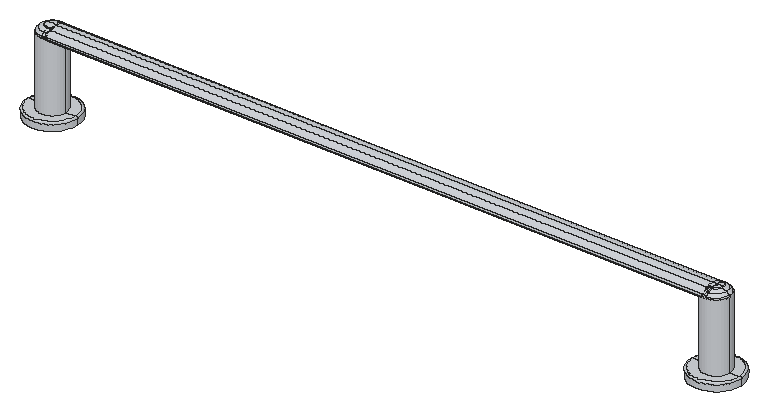
Revit family "Accessory-Towel_Bar-KOHLER-KUMIN-K-97882T", category Specialty Equipment, host Face, Revit 2017
Family settings
  Host = Face
  Round Connector Dimension = Use Diameter
  Part Type = Normal
  OmniClass Number = 23.31.25.25
  OmniClass Title = Towel Bars
  Cut with Voids When Loaded = No
  Shared = No
  Room Calculation Point = No
Parameters (values of type "CP- Polished chrome")
  Width = 25 211/256"  # constant formula
  WaterSense Certified = 1 = 0  # no
  URL = "http://www.kohler.com.cn/en/"
  Type = 1
  Product Page URL = "https://www.kohler.com.cn/en/product/K-97882T-CP/K-97882T-CP/"
  Product Name = "KUMIN"  # constant formula
  Product Documentation Link = ""
  Model = if(Type = 1, "K-97882T-CP", if(Type = 2, "K-97882T-BL", "NA"))  # "K-97882T-CP"
  Material = "Metal construction"  # constant formula
  Master Format 2014 Name = "Toilet, Bath, and Laundry Accessories"  # constant formula
  Master Format 2014 = "10 28 00"  # constant formula
  Manufacturer Address = "Kohler Beijing Office (100016)\n36-2-03-B, No. 88, Liuxiang Road, Beijing"  # constant formula
  Manufacturer = "KOHLER Co."  # constant formula
  Length = 3"  # constant formula
  Height = 1 207/256"  # constant formula
  Finish = Kohler-Metal-CP-Polished_Chrome
  Environmental Product Declaration = ""
  Description = "24-inch towel bar"  # constant formula
  Default Elevation = 42"
  Declare Label = ""
  Date Modified = "07/21/2020"  # constant formula
  Date Created = "07/21/2020"  # constant formula
  Copyright = "Copyright KOHLER Co."  # constant formula
  Contact Us = "http://www.kohler.com.cn/en/contact/contact-us/"
  Assembly Code = "C1030200"
  ADA Compliant = 1 = 0  # no
Types (3): name | Type | Product Page URL | Model | Finish
  (no name) | 1 | "https://www.kohler.com.cn/en/product/K-97882T-CP/K-97882T-CP/" | "K-97882T-CP" | Kohler-Metal-CP-Polished_Chrome
  CP- Polished chrome | 1 | "https://www.kohler.com.cn/en/product/K-97882T-CP/K-97882T-CP/" | "K-97882T-CP" | Kohler-Metal-CP-Polished_Chrome
  BL- Matte Black | 2 | "https://www.kohler.com.cn/en/product/K-97882T-CP/K-97882T-BL/" | "K-97882T-BL" | Kohler-Metal-BL-Matte_Black
Reference planes (in)
  plane 1 "Center (Front/Back)": y = 0
  plane 2: z = 0
  plane 3 "Center (Left/Right)": x = 0
  plane 4: z = 3
  plane 5: x = -12.00731
  plane 6: x = 12.00731
  plane 7: y = -0.90551
  plane 8: y = 0.90308
  plane 9: x = -12.91282
  plane 10: x = 12.9114
Dimensions and locks (in)
  locked: plane 5 to plane 6 at 24.01461
  plane 5 to plane 3 "Center (Left/Right)" to plane 6 = 12.00731", 12.00731"
  "Width": plane 9 to plane 10
  "Height": plane 7 to plane 8
  "Length": level to plane 4
  aligned and locked: plane 2 to host face
  aligned and locked: level to host face
  aligned and locked: plane 10 to nested 1
Automatic sketch dimensions
  host sketch curve to host sketch curve = 96"  (x2)
Nested families (in)
  nested 1: "K-97882T" at (-0.00167, 0, 0), type "K-97882T"
Definition of nested family "K-97882T"
  Parameters (values of type "K-97882T")
    Material = none
  Reference planes (in)
    plane 1 "Center (Front/Back)": y = 0
    plane 2: z = 0
    plane 3 "Center (Left/Right)": x = 0
    plane 4: x = 12.00756
    plane 5: x = -12.00731
    plane 6: z = 2.99213
    plane 7: x = 12.91307
    plane 8: x = 11.10204
    plane 9: x = -11.1018
    plane 10: x = -12.91282
  Forms (in)
    Revolve 1, solid, material <- "Material", detail levels medium+fine
      sketch origin (0, 0, 0) x (1, 0, 0) y (0, 0, 1)
        loop
          line (12.00756, 0) -> (12.91307, 0) -> (12.91307, 0.21654)
          arc (12.91307, 0.21654) -> (12.89577, 0.25829) -> (12.85401, 0.27559) r 0.05906
          line (12.85401, 0.27559) -> (12.49968, 0.27559) -> (12.49968, 2.73826)
          arc (12.49968, 2.73826) -> (12.49683, 2.75467) -> (12.48862, 2.76917) r 0.0487
          arc (12.48862, 2.76917) -> (12.44154, 2.82065) -> (12.38926, 2.86684) r 0.65527
          arc (12.38926, 2.86684) -> (12.3276, 2.90917) -> (12.26072, 2.94268) r 0.54559
          arc (12.26072, 2.94268) -> (12.24228, 2.9502) -> (12.22371, 2.9574) r 1.14608
          arc (12.22371, 2.9574) -> (12.1174, 2.9861) -> (12.00756, 2.99366) r 0.56577
          line (12.00756, 2.99366) -> (12.00756, 0)
        axis (12.00756, 2.99366) -> (12.00756, 0)
      angle from 0 to 360
    Extrusion 2, solid, material <- "Material", detail levels medium+fine
      sketch origin (0, 0, -0.00615) x (0, 1, 0) y (0, 0, 1)
        loop
          arc (0, 2.99213) -> (-0.13, 2.97897) -> (-0.25538, 2.94215) r 0.70845
          arc (-0.25538, 2.94215) -> (-0.36747, 2.87905) -> (-0.4587, 2.78839) r 0.47862
          arc (-0.4587, 2.78839) -> (-0.47089, 2.75005) -> (-0.45583, 2.71275) r 0.05933
          arc (-0.45583, 2.71275) -> (-0.40064, 2.65853) -> (-0.33892, 2.61187) r 0.59943
          arc (-0.33892, 2.61187) -> (-0.17691, 2.53691) -> (0, 2.51299) r 0.59943
          arc (0, 2.51299) -> (0.18062, 2.54135) -> (0.34626, 2.61876) r 0.65186
          arc (0.34626, 2.61876) -> (0.40438, 2.66215) -> (0.45654, 2.71255) r 0.57192
          arc (0.45654, 2.71255) -> (0.47265, 2.75255) -> (0.45868, 2.79335) r 0.06181
          arc (0.45868, 2.79335) -> (0.38907, 2.86292) -> (0.30708, 2.91734) r 0.49497
          arc (0.30708, 2.91734) -> (0.15819, 2.97382) -> (0, 2.99213) r 0.64521
      from -12.00572 to 12.02023
    Revolve 3, solid, material <- "Material", detail levels medium+fine
      sketch origin (0, 0, 0) x (-1, 0, 0) y (0, 0, 1)
        loop
          line (12.00731, 0) -> (12.91282, 0) -> (12.91282, 0.21654)
          arc (12.91282, 0.21654) -> (12.89552, 0.25829) -> (12.85376, 0.27559) r 0.05906
          line (12.85376, 0.27559) -> (12.49943, 0.27559) -> (12.49943, 2.73826)
          arc (12.49943, 2.73826) -> (12.49658, 2.75467) -> (12.48837, 2.76917) r 0.0487
          arc (12.48837, 2.76917) -> (12.44129, 2.82065) -> (12.38901, 2.86684) r 0.65527
          arc (12.38901, 2.86684) -> (12.32735, 2.90917) -> (12.26047, 2.94268) r 0.54559
          arc (12.26047, 2.94268) -> (12.24203, 2.9502) -> (12.22346, 2.9574) r 1.14608
          arc (12.22346, 2.9574) -> (12.11716, 2.9861) -> (12.00731, 2.99366) r 0.56577
          line (12.00731, 2.99366) -> (12.00731, 0)
        axis (12.00731, 2.99366) -> (12.00731, 0)
      angle from 0 to 360
    Revolve 4, solid, material <- "Material", detail levels coarse
      sketch origin (0, 0, 0) x (1, 0, 0) y (0, 0, 1)
        loop
          line (12.49968, 2.99213) -> (12.00756, 2.99213) -> (12.00756, 0) -> (12.91307, 0) -> (12.91307, 0.27559) -> (12.49968, 0.27559) -> (12.49968, 2.99213)
        axis (12.00756, 2.99213) -> (12.00756, 0)
      angle from -90 to 270
    Revolve 5, solid, material <- "Material", detail levels coarse
      sketch origin (0, 0, 0) x (-1, 0, 0) y (0, 0, 1)
        loop
          line (12.49943, 2.99213) -> (12.00731, 2.99213) -> (12.00731, 0) -> (12.91282, 0) -> (12.91282, 0.27559) -> (12.49943, 0.27559) -> (12.49943, 2.99213)
        axis (12.00731, 2.99213) -> (12.00731, 0)
      angle from -90 to 270
    Extrusion 6, solid, material <- "Material", detail levels coarse
      sketch origin (0, 0, 0) x (1, 0, 0) y (0, 0, 1)
        loop
          line (12.00756, 2.99213) -> (-11.94905, 2.99213) -> (-11.94905, 2.50677) -> (12.00756, 2.50677) -> (12.00756, 2.99213)
      from -0.47573 to 0.47607
  Cuts and joins
    joined: Revolve 4, Revolve 5, Extrusion 6
  Lines and regions (in)
    Masking region 1
      outline origin (0, 0, 0) x (1, 0, 0) y (0, 1, 0)
        loop
          arc (-11.23597, 0.47433) -> (-12.91282, 0.00001) -> (-11.23598, -0.47435) r 0.90551
          line (-11.23598, -0.47435) -> (0, -0.47435) -> (11.23623, -0.47435)
          arc (11.23623, -0.47435) -> (12.91307, 0.00001) -> (11.23622, 0.47433) r 0.90551
          line (11.23622, 0.47433) -> (0, 0.47433) -> (-11.23597, 0.47433)
    Masking region 2
      outline origin (0, 0, 0) x (1, 0, 0) y (0, 0, 1)
        loop
          line (12.91307, 0) -> (12.91307, 0.21663)
          arc (12.91307, 0.21663) -> (12.8958, 0.25832) -> (12.8541, 0.27559) r 0.05897
          line (12.8541, 0.27559) -> (12.49968, 0.27559) -> (12.49968, 2.73446)
          arc (12.49968, 2.73446) -> (12.49745, 2.75068) -> (12.49093, 2.76569) r 0.06008
          arc (12.49093, 2.76569) -> (12.38624, 2.86881) -> (12.2595, 2.94317) r 0.5958
          arc (12.2595, 2.94317) -> (12.17353, 2.97357) -> (12.08388, 2.9903) r 0.5877
          arc (12.08388, 2.9903) -> (12.04573, 2.99167) -> (12.00756, 2.99213) r 1.5967
          line (12.00756, 2.99213) -> (-12.00731, 2.99213)
          arc (-12.00731, 2.99213) -> (-12.04548, 2.99167) -> (-12.08364, 2.9903) r 1.5967
          arc (-12.08364, 2.9903) -> (-12.17328, 2.97357) -> (-12.25925, 2.94317) r 0.5877
          arc (-12.25925, 2.94317) -> (-12.38464, 2.86984) -> (-12.48856, 2.76836) r 0.5958
          arc (-12.48856, 2.76836) -> (-12.49664, 2.75379) -> (-12.49943, 2.73738) r 0.04958
          line (-12.49943, 2.73738) -> (-12.49943, 0.27559) -> (-12.85385, 0.27559)
          arc (-12.85385, 0.27559) -> (-12.89555, 0.25832) -> (-12.91282, 0.21663) r 0.05897
          line (-12.91282, 0.21663) -> (-12.91282, 0) -> (-11.1018, 0) -> (-11.1018, 0.21663)
          arc (-11.1018, 0.21663) -> (-11.11907, 0.25832) -> (-11.16076, 0.27559) r 0.05897
          line (-11.16076, 0.27559) -> (-11.51518, 0.27559) -> (-11.51518, 2.13498)
          arc (-11.51518, 2.13498) -> (-11.40629, 2.39787) -> (-11.14339, 2.50677) r 0.37179
          line (-11.14339, 2.50677) -> (11.14364, 2.50677)
          arc (11.14364, 2.50677) -> (11.40654, 2.39787) -> (11.51543, 2.13498) r 0.37179
          line (11.51543, 2.13498) -> (11.51543, 0.27559) -> (11.16101, 0.27559)
          arc (11.16101, 0.27559) -> (11.11931, 0.25832) -> (11.10204, 0.21663) r 0.05897
          line (11.10204, 0.21663) -> (11.10204, 0) -> (12.91307, 0)
    Masking region 3
      outline origin (0, 0, 0) x (0, 1, 0) y (0, 0, 1)
        loop
          line (-0.49213, 0.27559) -> (-0.84638, 0.27559)
          arc (-0.84638, 0.27559) -> (-0.88819, 0.25827) -> (-0.90551, 0.21646) r 0.05913
          line (-0.90551, 0.21646) -> (-0.90551, 0) -> (0, 0) -> (0.90551, 0) -> (0.90551, 0.21646)
          arc (0.90551, 0.21646) -> (0.88819, 0.25827) -> (0.84638, 0.27559) r 0.05913
          line (0.84638, 0.27559) -> (0.49213, 0.27559) -> (0.49213, 2.73876)
          arc (0.49213, 2.73876) -> (0.4894, 2.75451) -> (0.48153, 2.76841) r 0.04676
          arc (0.48153, 2.76841) -> (0.38972, 2.85936) -> (0.28118, 2.9295) r 0.62558
          arc (0.28118, 2.9295) -> (0.14454, 2.97856) -> (0, 2.99213) r 0.57959
          arc (0, 2.99213) -> (-0.14454, 2.97856) -> (-0.28118, 2.9295) r 0.57959
          arc (-0.28118, 2.9295) -> (-0.38972, 2.85936) -> (-0.48153, 2.76841) r 0.62558
          arc (-0.48153, 2.76841) -> (-0.4894, 2.75451) -> (-0.49213, 2.73876) r 0.04676
          line (-0.49213, 2.73876) -> (-0.49213, 0.27559)
    symbolic lines, detail levels medium+fine
      curve 1: line (-11.23597, 0.47433, 0) -> (-11.60732, 0.47433, 0)
      curve 2: line (-11.60732, 0.47433, 0) -> (-12.00731, 0.49213, 0)
      curve 3: arc (-12.00731, 0.49213, 0) -> (-12.35529, 0.34799, 0) -> (-12.49943, 0, 0) r 0.49213
      curve 4: line (-11.23597, -0.47433, 0) -> (-11.60732, -0.47433, 0)
      curve 5: line (-11.60732, -0.47433, 0) -> (-12.00731, -0.49213, 0)
      curve 6: arc (-12.00731, -0.49213, 0) -> (-12.35529, -0.34799, 0) -> (-12.49943, 0, 0) r 0.49213
      curve 7: line (11.23622, 0.47433, 0) -> (11.60757, 0.47433, 0)
      curve 8: line (11.60757, 0.47433, 0) -> (12.00756, 0.49213, 0)
      curve 9: arc (12.00756, 0.49213, 0) -> (12.35554, 0.34799, 0) -> (12.49968, 0, 0) r 0.49213
      curve 10: line (11.23622, -0.47433, 0) -> (11.65414, -0.47433, 0)
      curve 11: arc (12.00756, -0.49213, 0) -> (12.35554, -0.34799, 0) -> (12.49968, 0, 0) r 0.49213
      curve 12: line (12.00756, -0.49213, 0) -> (11.73473, -0.47839, 0)
      curve 13: line (11.73473, -0.47839, 0) -> (11.65414, -0.47433, 0)
      curve 14: line (-11.23597, 0.45899, 0) -> (-11.60813, 0.45899, 0)
      curve 15: line (-11.60813, 0.45899, 0) -> (-12.00765, 0.47677, 0)
      curve 16: arc (-12.00765, 0.47677, 0) -> (-12.34456, 0.33701, 0) -> (-12.48408, 0, 0) r 0.47677
      curve 17: arc (-12.00765, -0.47677, 0) -> (-12.34456, -0.33701, 0) -> (-12.48408, 0, 0) r 0.47677
      curve 18: line (-11.23597, -0.45899, 0) -> (-11.60813, -0.45899, 0)
      curve 19: line (-11.60813, -0.45899, 0) -> (-12.00765, -0.47677, 0)
      curve 20: line (11.23622, -0.45897, 0) -> (11.65452, -0.45897, 0)
      curve 21: line (11.7355, -0.46305, 0) -> (11.65452, -0.45897, 0)
      curve 22: line (12.00794, -0.47677, 0) -> (11.7355, -0.46305, 0)
      curve 23: arc (12.00794, -0.47677, 0) -> (12.34482, -0.33699, 0) -> (12.48433, 0, 0) r 0.47677
      curve 24: arc (12.00794, 0.47677, 0) -> (12.34482, 0.33699, 0) -> (12.48433, 0, 0) r 0.47677
      curve 25: line (11.23622, 0.45897, 0) -> (11.65452, 0.45897, 0)
      curve 26: line (11.7355, 0.46305, 0) -> (11.65452, 0.45897, 0)
      curve 27: line (12.00794, 0.47677, 0) -> (11.7355, 0.46305, 0)
      curve 28: line (11.23622, 0.45897, 0) -> (-11.23908, 0.45897, 0)
      curve 29: line (11.23622, -0.45897, 0) -> (-11.23908, -0.45897, 0)
      curve 30: line (-12.00731, 0.49213, 0) -> (-12.00731, -0.49213, 0)
      curve 31: line (-10.76715, 0.47433, 0) -> (-10.76715, -0.47435, 0)
      curve 32: line (12.00756, 0.49213, 0) -> (12.00756, -0.49213, 0)
      curve 33: line (10.7674, 0.47433, 0) -> (10.7674, -0.47435, 0)
      curve 34: arc (-11.31644, 0.47433, 0) -> (-12.25562, 0.80039, 0) -> (-12.84533, 0, 0) r 0.83802
      curve 35: arc (-11.31644, -0.47433, 0) -> (-12.25562, -0.80039, 0) -> (-12.84533, 0, 0) r 0.83802
      curve 36: arc (11.31669, -0.47433, 0) -> (12.25587, -0.80039, 0) -> (12.84558, 0, 0) r 0.83802
      curve 37: arc (11.31669, 0.47433, 0) -> (12.25587, 0.80039, 0) -> (12.84558, 0, 0) r 0.83802
      curve 38: line (12.48475, 0, 2.77285) -> (12.0007, 0, 2.77285)
      curve 39: line (12.49968, 0, 2.73532) -> (11.99229, 0, 2.73532)
      curve 40: line (-12.49943, 0, 0.27559) -> (-11.51518, 0, 0.27559)
      curve 41: line (-12.91128, 0, 0.22835) -> (-11.10334, 0, 0.22835)
      curve 42: line (11.10359, 0, 0.22835) -> (12.91152, 0, 0.22835)
      curve 43: arc (12.0007, 0, 2.77285) -> (11.80445, 0, 2.78964) -> (11.60757, 0, 2.7956) r 3.57678
      curve 44: arc (11.99229, 0, 2.73532) -> (11.97681, 0, 2.73575) -> (11.96138, 0, 2.73702) r 0.28224
      curve 45: arc (11.96138, 0, 2.73702) -> (11.78471, 0, 2.7225) -> (11.60755, 0, 2.71621) r 3.80986
      curve 46: line (11.60755, 0, 2.71621) -> (-0.02243, 0, 2.71621)
      curve 47: line (11.60757, 0, 2.7956) -> (-0.03439, 0, 2.7956)
      curve 48: arc (11.96833, 0, 2.77637) -> (11.95797, 0, 2.75774) -> (11.96359, 0, 2.73718) r 0.02822
      curve 49: line (11.60757, 0, 2.7956) -> (11.60757, 0, 2.71621)
      curve 50: arc (11.60757, 0, 2.71621) -> (11.33558, 0, 2.62581) -> (11.07485, 0, 2.50677) r 2.66911
      curve 51: arc (11.96359, 0, 2.73718) -> (11.85797, 0, 2.65637) -> (11.77704, 0, 2.55085) r 0.50638
      curve 52: arc (11.77704, 0, 2.55085) -> (11.71801, 0, 2.45112) -> (11.6631, 0, 2.34907) r 2.84104
      curve 53: arc (11.6631, 0, 2.34907) -> (11.59209, 0, 2.13669) -> (11.51543, 0, 1.92629) r 8.37314
      curve 54: line (-12.4845, 0, 2.77285) -> (-12.00045, 0, 2.77285)
      curve 55: line (-12.49943, 0, 2.73532) -> (-11.99204, 0, 2.73532)
      curve 56: arc (-12.00045, 0, 2.77285) -> (-11.8042, 0, 2.78964) -> (-11.60732, 0, 2.7956) r 3.57678
      curve 57: arc (-11.99204, 0, 2.73532) -> (-11.97657, 0, 2.73575) -> (-11.96113, 0, 2.73702) r 0.28224
      curve 58: arc (-11.96113, 0, 2.73702) -> (-11.78446, 0, 2.7225) -> (-11.6073, 0, 2.71621) r 3.80986
      curve 59: line (-11.6073, 0, 2.71621) -> (-0.02243, 0, 2.71621)
      curve 60: line (-11.60732, 0, 2.7956) -> (-0.03439, 0, 2.7956)
      curve 61: arc (-11.96809, 0, 2.77637) -> (-11.95772, 0, 2.75774) -> (-11.96334, 0, 2.73718) r 0.02822
      curve 62: line (-11.60732, 0, 2.7956) -> (-11.60732, 0, 2.71621)
      curve 63: arc (-11.60732, 0, 2.71621) -> (-11.33533, 0, 2.62581) -> (-11.07461, 0, 2.50677) r 2.66911
      curve 64: arc (-11.96334, 0, 2.73718) -> (-11.85772, 0, 2.65637) -> (-11.77679, 0, 2.55085) r 0.50638
      curve 65: arc (-11.77679, 0, 2.55085) -> (-11.71776, 0, 2.45112) -> (-11.66285, 0, 2.34907) r 2.84104
      curve 66: arc (-11.66285, 0, 2.34907) -> (-11.59184, 0, 2.1367) -> (-11.51518, 0, 1.9263) r 8.37291
      curve 67: line (12.49968, 0, 0.27559) -> (11.51543, 0, 0.27559)
      curve 68: line (12.00756, 0, 2.73532) -> (12.00756, 0, 2.99213)
      curve 69: line (10.7674, 0, 2.99213) -> (10.7674, 0, 2.50677)
      curve 70: line (-12.00731, 0, 2.73532) -> (-12.00731, 0, 2.99213)
      curve 71: line (-10.76715, 0, 2.99213) -> (-10.76715, 0, 2.50677)
      curve 72: line (0, -0.49213, 0.27559) -> (0, 0.49213, 0.27559)
      curve 73: line (0, -0.90551, 0.21646) -> (0, 0.90551, 0.21646)
      curve 74: line (0, -0.49213, 2.73876) -> (0, 0.49213, 2.73876)
      curve 75: line (0, 0.48153, 2.76841) -> (0, -0.48153, 2.76841)
  Dimensions and locks (in)
    plane 5 to plane 4 = 24.01486"
    level to plane 6 = 2.99213"
    plane 8 to plane 7 = 1.81102"
    aligned and locked: plane 2 to level
  Automatic sketch dimensions
    curve 3 to curve 6 = 0"  (x2)
    curve 3 to curve 16 = 0"  (x2)
    curve 3 to curve 17 = 0"  (x2)
    curve 3 to curve 34 = 0"  (x2)
    curve 3 to curve 35 = 0"  (x2)
    curve 6 to curve 16 = 0"  (x2)
    curve 6 to curve 17 = 0"  (x2)
    curve 6 to curve 34 = 0"  (x2)
    curve 6 to curve 35 = 0"  (x2)
    curve 9 to curve 11 = 0"  (x2)
    curve 9 to curve 23 = 0"  (x2)
    curve 9 to curve 24 = 0"  (x2)
    curve 9 to curve 36 = 0"  (x2)
    curve 9 to curve 37 = 0"  (x2)
    curve 11 to curve 23 = 0"  (x2)
    curve 11 to curve 24 = 0"  (x2)
    curve 11 to curve 36 = 0"  (x2)
    curve 11 to curve 37 = 0"  (x2)
    curve 16 to curve 17 = 0"  (x2)
    curve 16 to curve 34 = 0"  (x2)
    curve 16 to curve 35 = 0"  (x2)
    curve 17 to curve 34 = 0"  (x2)
    curve 17 to curve 35 = 0"  (x2)
    curve 23 to curve 24 = 0"  (x2)
    curve 23 to curve 36 = 0"  (x2)
    curve 23 to curve 37 = 0"  (x2)
    curve 24 to curve 36 = 0"  (x2)
    curve 24 to curve 37 = 0"  (x2)
    curve 34 to curve 35 = 0"  (x2)
    curve 36 to curve 37 = 0"  (x2)
    plane 1 "Center (Front/Back)" to curve 35 = 0"
    curve 5 to plane 5 = 0"
    plane 1 "Center (Front/Back)" to curve 11 = 0"
    curve 11 to plane 4 = 0"
    curve 19 to plane 5 = 0.00034"
    curve 15 to plane 5 = 0.00034"
    plane 5 to curve 15 = 0.39918"
    plane 5 to curve 18 = 0.39918"
    curve 18 to curve 4 = 0.00082"
    curve 14 to curve 2 = 0.00082"
    plane 8 to curve 20 = 0.13417"
    plane 8 to curve 28 = 0.13417"
    curve 25 to curve 7 = 0.37135"
    plane 4 to curve 13 = 0.35342"
    curve 7 to curve 26 = 0.04696"
    curve 10 to curve 21 = 0.00039"
    curve 10 to curve 12 = 0.08059"
    curve 12 to curve 22 = 0.00077"
    curve 25 to curve 27 = 0.08098"
    curve 27 to plane 4 = 0.00038"
    curve 22 to plane 4 = 0.00038"
    plane 1 "Center (Front/Back)" to curve 29 = 0.45897"
    curve 19 to curve 29 = 0.00002"
    curve 22 to curve 20 = 0.00408"
    curve 10 to curve 20 = 0.01535"
    curve 4 to curve 18 = 0.01533"
    curve 22 to curve 21 = 0.01372"
    curve 19 to curve 18 = 0.01778"
    curve 13 to curve 21 = 0.01533"
    curve 5 to curve 19 = 0.01535"
    curve 12 to curve 22 = 0.01535"
    curve 25 to curve 27 = 0.0178"
    curve 28 to curve 15 = 0.00002"
    curve 25 to curve 27 = 0.00408"
    curve 25 to curve 7 = 0.01535"
    curve 14 to curve 2 = 0.01533"
    plane 10 to curve 34 = 0.06749"
    curve 34 to curve 28 = 0.07736"
    curve 35 to curve 29 = 0.07736"
    curve 29 to curve 4 = 0.00312"
    curve 28 to curve 1 = 0.00312"
    curve 29 to curve 18 = 0.00312"
    curve 28 to curve 14 = 0.00312"
    curve 31 to plane 9 = 0.33465"
    curve 33 to plane 8 = 0.33465"
    curve 7 to curve 25 = 0"
    curve 10 to curve 20 = 0"
    curve 10 to curve 36 = 0.08047"
    curve 31 to curve 4 = 0.00002"
    curve 33 to curve 10 = 0.00002"
    curve 31 to curve 1 = 0"
    curve 33 to curve 7 = 0"
    level to curve 73 = 0.21646"
    plane 1 "Center (Front/Back)" to curve 73 = 0.90551"
    curve 73 to curve 72 = 0.41339"
    plane 1 "Center (Front/Back)" to curve 74 = 0.49213"
    curve 74 to curve 75 = 0.0106"
    curve 75 to plane 6 = 0.22372"
    curve 75 to plane 1 "Center (Front/Back)" = 0.48153"
    curve 75 to curve 74 = 0.0106"
    curve 72 to plane 1 "Center (Front/Back)" = 0.49213"
    curve 72 to curve 73 = 0.41339"
    level to curve 72 = 0.27559"
    curve 74 to curve 75 = 0.02965"
    curve 70 to plane 5 = 0"
    curve 71 to plane 6 = 0"
    curve 69 to plane 6 = 0"
    plane 4 to curve 68 = 0"
    curve 70 to plane 6 = 0"
    curve 68 to plane 6 = 0"
    curve 64 to plane 5 = 0.20826"
    level to curve 63 = 0.14178"
    curve 63 to plane 5 = 0.30464"
    curve 65 to plane 10 = 1.27885"
    plane 5 to curve 54 = 0.00686"
    plane 5 to curve 57 = 0.01526"
    curve 55 to curve 61 = 0.00631"
    curve 61 to curve 60 = 0.37842"
    curve 62 to curve 59 = 0"
    plane 5 to curve 56 = 0.40976"
    plane 5 to curve 58 = 0.44654"
    curve 66 to plane 3 "Center (Left/Right)" = 3.68727"
    curve 60 to plane 3 "Center (Left/Right)" = 0.03439"
    curve 59 to plane 3 "Center (Left/Right)" = 0.02243"
    plane 3 "Center (Left/Right)" to curve 53 = 3.68727"
    plane 4 to curve 45 = 0.44654"
    plane 4 to curve 43 = 0.40976"
    plane 4 to curve 46 = 0.40001"
    curve 45 to curve 49 = 0"  (x2)
    plane 4 to curve 48 = 0.02157"
    plane 4 to curve 44 = 0.01526"
    plane 4 to curve 38 = 0.00686"
    curve 51 to plane 4 = 0.20826"
    level to curve 50 = 0.14178"
    curve 50 to plane 4 = 0.30464"
    curve 52 to plane 7 = 1.27885"
    curve 43 to level = 0.78116"
    curve 56 to level = 0.78116"
    level to curve 52 = 1.05423"
    level to curve 65 = 1.05423"
    curve 51 to plane 6 = 0.69403"
    curve 64 to plane 6 = 0.69403"
    curve 59 to plane 6 = 0.27592"
    curve 59 to curve 62 = 0"
    curve 39 to curve 68 = 0.2568"
    curve 55 to curve 70 = 0.2568"
    curve 55 to curve 61 = 0.01903"
    curve 44 to curve 48 = 0.01903"
    curve 48 to curve 38 = 0.0185"
    plane 6 to curve 44 = 0.02543"
    plane 6 to curve 57 = 0.02543"
    plane 6 to curve 53 = 1.90559"
    plane 6 to curve 66 = 1.90559"
    plane 6 to curve 45 = 3.53365"
    plane 6 to curve 58 = 3.53365"
    plane 10 to curve 54 = 0.42832"
    curve 55 to curve 54 = 0.01494"
    curve 40 to curve 63 = 3/16"
    plane 10 to curve 41 = 0.00154"
    curve 61 to curve 61 = 0.01765"
    curve 61 to curve 57 = 0.0022"
    plane 5 to curve 65 = 0.23052"
    curve 64 to curve 65 = 0.11394"
    plane 9 to curve 40 = 0.41339"
    curve 66 to curve 66 = 0.14767"
    plane 9 to curve 41 = 0.00155"
    curve 63 to plane 9 = 0.02719"
    curve 63 to curve 71 = 0.30746"
    curve 69 to plane 8 = 0.33465"
    curve 50 to plane 8 = 0.02719"
    plane 8 to curve 42 = 0.00154"
    plane 8 to curve 53 = 0.41339"
    plane 8 to curve 67 = 0.41339"
    curve 53 to curve 52 = 0.14767"
    plane 4 to curve 52 = 0.23052"
    curve 45 to curve 48 = 0.0022"
    curve 48 to curve 48 = 0.01765"
    plane 7 to curve 38 = 0.42832"
    curve 50 to curve 67 = 3/16"
    curve 38 to curve 39 = 0.01494"
    plane 7 to curve 42 = 0.00154"
    level to curve 42 = 0.22835"
    level to curve 41 = 0.22835"
    curve 63 to curve 40 = 0.13381"
    level to curve 67 = 0.27559"
    curve 71 to curve 63 = 0"
    curve 69 to curve 50 = 0"
    plane 4 to Revolve 1 sketch curve = 0"  (x2)
    Revolve 1 sketch curve to level = 0"
    plane 7 to Revolve 1 sketch curve = 0"
    plane 4 to Revolve 1 sketch curve = 0.02537"
    plane 4 to Revolve 1 sketch curve = 0.1888"
    Revolve 1 sketch curve to plane 4 = 0.01624"
    Revolve 1 sketch curve to Revolve 1 sketch curve = 0.02653"
    Revolve 1 sketch curve to plane 4 = 0.44342"
    level to Revolve 1 sketch curve = 0.27559"
    plane 7 to Revolve 1 sketch curve = 0.41339"
    Revolve 1 sketch curve to Revolve 1 sketch curve = 0.05906"
    Revolve 1 sketch curve to Revolve 1 sketch curve = 0"  (x4)
    Revolve 1 sketch curve to plane 6 = 1.10688"
    Revolve 1 sketch curve to Revolve 1 sketch curve = 0.46809"
    Revolve 1 sketch curve to Revolve 1 sketch curve = 0.07478"
    Revolve 1 sketch curve to Revolve 1 sketch curve = 0.01117"
    Revolve 1 sketch curve to plane 6 = 0.25386"
    plane 6 to Revolve 1 sketch curve = 0.00154"
    Revolve 1 sketch curve to Revolve 1 sketch curve = 0.08473"
    Revolve 1 sketch curve to Revolve 1 sketch curve = 0.27457"
    Extrusion 2 sketch curve to Extrusion 2 sketch curve = 0"  (x8)
    Extrusion 2 sketch curve to plane 1 "Center (Front/Back)" = 0"  (x2)
    plane 1 "Center (Front/Back)" to Extrusion 2 sketch curve = 0.00902"
    plane 1 "Center (Front/Back)" to Extrusion 2 sketch curve = 0.00981"
    plane 1 "Center (Front/Back)" to Extrusion 2 sketch curve = 0.07876"
    plane 1 "Center (Front/Back)" to Extrusion 2 sketch curve = 0.4116"
    Extrusion 2 sketch curve to plane 1 "Center (Front/Back)" = 0.00551"
    Extrusion 2 sketch curve to plane 1 "Center (Front/Back)" = 0.00605"
    Extrusion 2 sketch curve to plane 1 "Center (Front/Back)" = 0.03386"
    Extrusion 2 sketch curve to plane 1 "Center (Front/Back)" = 0.07573"
    Extrusion 2 sketch curve to plane 1 "Center (Front/Back)" = 0.41086"
    Extrusion 2 sketch curve to plane 6 = 0.71457"
    Extrusion 2 sketch curve to Extrusion 2 sketch curve = 0.06324"
    Extrusion 2 sketch curve to Extrusion 2 sketch curve = 17/128"
    Extrusion 2 sketch curve to Extrusion 2 sketch curve = 0.01755"
    Extrusion 2 sketch curve to Extrusion 2 sketch curve = 0.18985"
    Extrusion 2 sketch curve to Extrusion 2 sketch curve = 0.16315"
    plane 6 to Extrusion 2 sketch curve = 0.09953"
    Extrusion 2 sketch curve to Extrusion 2 sketch curve = 0.01454"
    Extrusion 2 sketch curve to Extrusion 2 sketch curve = 0.05242"
    Extrusion 2 sketch curve to Extrusion 2 sketch curve = 0.07268"
    Extrusion 2 sketch curve to Extrusion 2 sketch curve = 0.04423"
    plane 1 "Center (Front/Back)" to Masking region 1 sketch curve = 0"  (x2)
    Masking region 1 sketch curve to plane 5 = 0"
    Masking region 1 sketch curve to plane 3 "Center (Left/Right)" = 0"  (x2)
    Masking region 1 sketch curve to plane 4 = 0"
    plane 9 to Masking region 1 sketch curve = 0.13419"
    plane 9 to Masking region 1 sketch curve = 0.13417"
    plane 8 to Masking region 1 sketch curve = 0.13417"
    plane 1 "Center (Front/Back)" to Masking region 1 sketch curve = 0.47435"
    Masking region 2 sketch curve to level = 0"  (x2)
    Masking region 2 sketch curve to plane 10 = 0"
    Masking region 2 sketch curve to plane 5 = 0"
    plane 9 to Masking region 2 sketch curve = 0"
    Masking region 2 sketch curve to plane 8 = 0"
    plane 4 to Masking region 2 sketch curve = 0"
    plane 7 to Masking region 2 sketch curve = 0"
    Masking region 2 sketch curve to plane 6 = 0"
    plane 10 to Masking region 2 sketch curve = 0.05897"
    plane 10 to Masking region 2 sketch curve = 0.41339"
    Masking region 2 sketch curve to Masking region 2 sketch curve = 0.04958"
    Masking region 2 sketch curve to plane 5 = 0.01612"
    Masking region 2 sketch curve to Masking region 2 sketch curve = 0.00249"  (x2)
    plane 9 to Masking region 2 sketch curve = 0.41339"
    plane 9 to Masking region 2 sketch curve = 0.05897"
    plane 9 to Masking region 2 sketch curve = 0.0416"
    plane 8 to Masking region 2 sketch curve = 0.0416"
    Masking region 2 sketch curve to Masking region 2 sketch curve = 0.05897"
    Masking region 2 sketch curve to Masking region 2 sketch curve = 0.37179"
    Masking region 2 sketch curve to plane 4 = 0.01363"
    Masking region 2 sketch curve to plane 4 = 0.43204"
    Masking region 2 sketch curve to Masking region 2 sketch curve = 0.06008"
    plane 7 to Masking region 2 sketch curve = 0.05897"
    Masking region 2 sketch curve to Masking region 2 sketch curve = 0.21663"
    level to Masking region 2 sketch curve = 0.21663"  (x3)
    Masking region 2 sketch curve to Masking region 2 sketch curve = 1.11983"  (x2)
    Masking region 2 sketch curve to plane 6 = 0.85715"
    Masking region 2 sketch curve to Masking region 2 sketch curve = 0.26105"  (x2)
    Masking region 2 sketch curve to Masking region 2 sketch curve = 0.00992"  (x2)
    Masking region 2 sketch curve to Masking region 2 sketch curve = 0.25766"
    Masking region 2 sketch curve to plane 6 = 0.25475"
    Masking region 2 sketch curve to Masking region 2 sketch curve = 0"
    Masking region 2 sketch curve to plane 6 = 0.04896"  (x2)
    Masking region 2 sketch curve to plane 6 = 0.00183"
    Revolve 3 sketch curve to plane 5 = 0"  (x2)
    Revolve 3 sketch curve to level = 0"
    Revolve 3 sketch curve to plane 10 = 0"
    Revolve 3 sketch curve to plane 5 = 0.02537"
    Revolve 3 sketch curve to plane 5 = 0.1888"
    plane 5 to Revolve 3 sketch curve = 0.01624"
    Revolve 3 sketch curve to Revolve 3 sketch curve = 0.02653"
    plane 5 to Revolve 3 sketch curve = 0.44342"
    Revolve 3 sketch curve to level = 0.27559"
    Revolve 3 sketch curve to plane 10 = 0.41339"
    Revolve 3 sketch curve to Revolve 3 sketch curve = 0.05906"
    Revolve 3 sketch curve to Revolve 3 sketch curve = 0"  (x4)
    plane 6 to Revolve 3 sketch curve = 1.10688"
    Revolve 3 sketch curve to Revolve 3 sketch curve = 0.46809"
    Revolve 3 sketch curve to Revolve 3 sketch curve = 0.07478"
    Revolve 3 sketch curve to Revolve 3 sketch curve = 0.01117"
    plane 6 to Revolve 3 sketch curve = 0.25386"
    Revolve 3 sketch curve to plane 6 = 0.00154"
    Revolve 3 sketch curve to Revolve 3 sketch curve = 0.08473"
    Revolve 3 sketch curve to Revolve 3 sketch curve = 0.27457"
    Masking region 3 sketch curve to level = 0"
    Masking region 3 sketch curve to plane 1 "Center (Front/Back)" = 0"  (x2)
    Masking region 3 sketch curve to plane 6 = 0"
    plane 1 "Center (Front/Back)" to Masking region 3 sketch curve = 0.00229"
    plane 1 "Center (Front/Back)" to Masking region 3 sketch curve = 0.01855"
    plane 1 "Center (Front/Back)" to Masking region 3 sketch curve = 0.44536"
    plane 1 "Center (Front/Back)" to Masking region 3 sketch curve = 0.49213"
    level to Masking region 3 sketch curve = 0.21646"  (x2)
    Masking region 3 sketch curve to Masking region 3 sketch curve = 0.35425"  (x2)
    Masking region 3 sketch curve to Masking region 3 sketch curve = 0.05913"  (x2)
    Masking region 3 sketch curve to plane 1 "Center (Front/Back)" = 0.00229"
    Masking region 3 sketch curve to plane 1 "Center (Front/Back)" = 0.01855"
    Masking region 3 sketch curve to plane 1 "Center (Front/Back)" = 0.44536"
    Masking region 3 sketch curve to plane 1 "Center (Front/Back)" = 0.49213"
    Masking region 3 sketch curve to plane 6 = 0.62029"
    Masking region 3 sketch curve to Masking region 3 sketch curve = 0"  (x6)
    Masking region 3 sketch curve to Masking region 3 sketch curve = 0.041"
    Masking region 3 sketch curve to Masking region 3 sketch curve = 0.19074"
    Masking region 3 sketch curve to plane 6 = 0.25336"
    plane 4 to Revolve 4 sketch curve = 0"  (x2)
    Revolve 4 sketch curve to level = 0"
    Revolve 4 sketch curve to plane 6 = 0"
    plane 7 to Revolve 4 sketch curve = 0"
    plane 7 to Revolve 4 sketch curve = 0.41339"
    level to Revolve 4 sketch curve = 0.27559"
    Revolve 4 sketch curve to plane 6 = 0.98392"
    Revolve 4 sketch curve to Revolve 4 sketch curve = 0.39403"
    Revolve 5 sketch curve to plane 5 = 0"  (x2)
    Revolve 5 sketch curve to level = 0"
    Revolve 5 sketch curve to plane 6 = 0"
    Revolve 5 sketch curve to plane 10 = 0"
    Revolve 5 sketch curve to Revolve 5 sketch curve = 0.41339"
    Revolve 5 sketch curve to level = 0.27559"
    plane 6 to Revolve 5 sketch curve = 0.98392"
    Revolve 5 sketch curve to Revolve 5 sketch curve = 0.39403"
    plane 5 to Extrusion 6 sketch curve = 0.05825"
    plane 4 to Extrusion 6 sketch curve = 0"
    Extrusion 6 sketch curve to plane 6 = 0"
    Extrusion 6 sketch curve to plane 6 = 0.48536"
